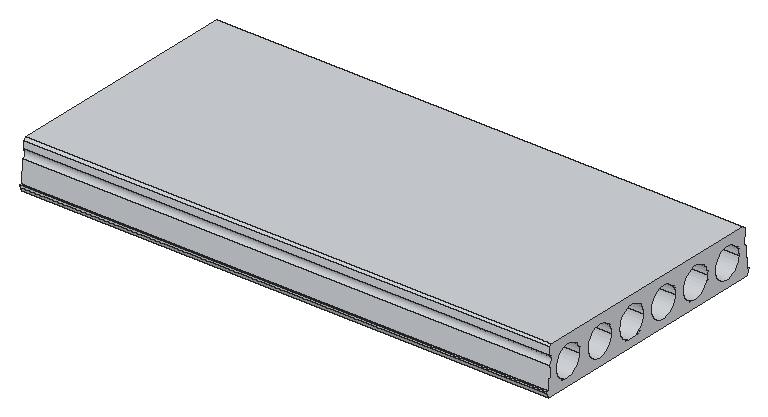
Revit family "EX22 dæk Spæncom", category Structural Framing, Revit 2014
Parameters
  Width element (formmål 1197mm) [instance] = 1197 mm
  Structural Material [instance] = none
  Model = "EX22"
  Manufacturer = "Spæncom"
  Length [instance] = 3000 mm
  Height = 220 mm  # constant formula
Reference planes
  plane 1 "Center (Front/Back)": y = 0
  plane 2 "Center Elevation": z = 0
  plane 3 "Center (Left/Right)": x = 0
  plane 4 "Left": x = -1500
  plane 5 "Member Left": x = -1250
  plane 6 "Stick Symbol Left": x = -1000
  plane 7 "Right": x = 1500
  plane 8 "Member Right": x = 1250
  plane 9 "Stick Symbol Right": x = 1000
Forms (mm)
  Extrusion 1, solid, material <- "Structural Material"
    sketch origin (-1500, 0, 0) x (0, -1, 0) y (0, 0, 1)
      loop
        line (-598.5, 30) -> (-597.5, 20) -> (-587.5, 0) -> (587.5, 0) -> (597.5, 20) -> (598.5, 30) -> (588.5, 30) -> (582.537, 133)
        arc (582.537, 133) -> (569.331, 153.306) -> (580.105, 175) r 24.426
        line (580.105, 175) -> (578.078, 210.017) -> (567.5, 220) -> (-567.5, 220) -> (-578.078, 210.017) -> (-580.105, 175)
        arc (-580.105, 175) -> (-569.331, 153.306) -> (-582.537, 133) r 24.426
        line (-582.537, 133) -> (-588.5, 30) -> (-598.5, 30)
      loop
        circle (472.5, 106.5) r 73.5
      loop
        circle (283.5, 106.5) r 73.5
      loop
        circle (94.5, 106.5) r 73.5
      loop
        circle (-94.5, 106.5) r 73.5
      loop
        circle (-283.5, 106.5) r 73.5
      loop
        circle (-472.5, 106.5) r 73.5
    from -250 to -2750
  Extrusion 2, void
    sketch origin (1500, 1197, 0) x (0, -1, 0) y (0, 0, 1)
      loop
        line (598.5, 0) -> (598.5, 220) -> (-598.5, 220) -> (-598.5, 0) -> (598.5, 0)
    from 250 to 2750
Cuts and joins
  Extrusion 2 cuts Extrusion 1
Lines and regions (mm)
  model lines, style "Stick Symbols", detail levels coarse
    curve 1: line (-1000, 0, 0) -> (1000, 0, 0)
Dimensions and locks
  equal spacing: plane 4 "Left", plane 3 "Center (Left/Right)", plane 7 "Right"
  "Length": plane 4 "Left" to plane 7 "Right"
  "Height": Extrusion 1 to Extrusion 1
  "Width element (formmål 1197mm)": cut or joined group of Extrusion 1, Extrusion 2 to Extrusion 2 sketch curve
  aligned and locked: plane 1 "Center (Front/Back)" to curve 1
  aligned and locked: plane 6 "Stick Symbol Left" to curve 1
  aligned and locked: plane 9 "Stick Symbol Right" to curve 1
  aligned and locked: level to plane 2 "Center Elevation"
  aligned and locked: Extrusion 1 to plane 8 "Member Right"
  aligned and locked: plane 5 "Member Left" to Extrusion 1
  aligned and locked: Extrusion 2 to plane 5 "Member Left"
  aligned and locked: Extrusion 2 to plane 8 "Member Right"
Automatic sketch dimensions
  Extrusion 1 sketch curve to level = 0 mm
  level to Extrusion 1 sketch curve = 30 mm
  Extrusion 1 sketch curve to plane 1 "Center (Front/Back)" = 598.5 mm
  level to Extrusion 1 sketch curve = 20 mm  (x2)
  Extrusion 1 sketch curve to Extrusion 1 sketch curve = 1 mm  (x2)
  Extrusion 1 sketch curve to Extrusion 1 sketch curve = 4.783 mm
  Extrusion 1 sketch curve to Extrusion 1 sketch curve = 10 mm  (x4)
  level to Extrusion 1 sketch curve = 133 mm  (x2)
  Extrusion 1 sketch curve to Extrusion 1 sketch curve = 11.18 mm
  level to Extrusion 1 sketch curve = 175 mm  (x2)
  Extrusion 1 sketch curve to Extrusion 1 sketch curve = 13.612 mm  (x2)
  level to Extrusion 1 sketch curve = 210.017 mm  (x2)
  Extrusion 1 sketch curve to Extrusion 1 sketch curve = 2.027 mm  (x2)
  level to Extrusion 1 sketch curve = 220 mm
  Extrusion 1 sketch curve to Extrusion 1 sketch curve = 10.578 mm  (x2)
  Extrusion 1 sketch curve to Extrusion 1 sketch curve = 110.037 mm
  Extrusion 1 sketch curve to Extrusion 1 sketch curve = 189 mm  (x3)
  Extrusion 1 sketch curve to plane 1 "Center (Front/Back)" = 94.5 mm
  plane 1 "Center (Front/Back)" to Extrusion 1 sketch curve = 94.5 mm
  Extrusion 1 sketch curve to Extrusion 1 sketch curve = 95 mm
  Extrusion 1 sketch curve to Extrusion 1 sketch curve = 2.432 mm
  Extrusion 1 sketch curve to Extrusion 1 sketch curve = 4.963 mm
  Extrusion 1 sketch curve to Extrusion 1 sketch curve = 9 mm
  level to Extrusion 1 sketch curve = 106.5 mm  (x6)
  Extrusion 2 sketch curve to level = 0 mm
  Extrusion 2 sketch curve to Extrusion 2 sketch curve = 1197 mm
  level to Extrusion 2 sketch curve = 220 mm
  radius of Extrusion 1 sketch curve = 73.5 mm  (x6)
